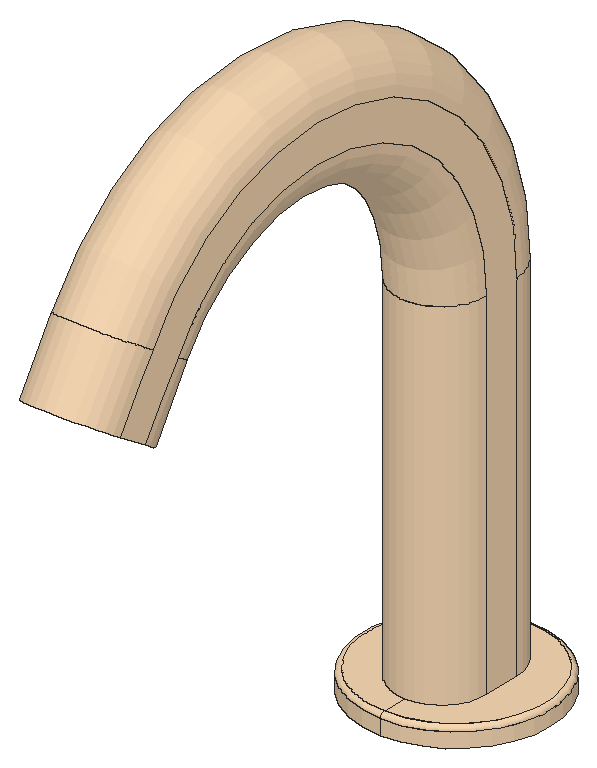
Revit family "Faucet_Touchless-Lavatory-KOHLER-Oblo-K-103BB76_1", category Plumbing Fixtures, host Face, Revit 2021
Family settings
  Host = Face
  Round Connector Dimension = Use Diameter
  Part Type = Normal
  OmniClass Number = 23.31.11.00
  OmniClass Title = Faucets
  Cut with Voids When Loaded = No
  Shared = No
  Room Calculation Point = No
Parameters (values of type "2MB-Vibrant Brushed Moderne Brass")
  Width = 2 73/256"  # constant formula
  WaterSense Certified = 1 = 0  # no
  Waste Water Outlet = "Waste Water Outlet"  # constant formula
  Waste Connection = 1 = 0  # no
  Voltage = 220 V  # constant formula
  Vent Connection = 1 = 0  # no
  URL = "https://www.us.kohler.com/us/"
  Type = 1
  Spout Reach = 5 67/256"  # constant formula
  Product Page URL = "http://www.us.kohler.com/us/catalog/productDetails.jsp?productNumber=103BB76-SBNA"
  Product Name = "Oblo\r\n"  # constant formula
  Product Documentation Link = "https://www.us.kohler.com/webassets/kpna/catalog/pdf/en/K-103BB76-SBNA_spec_US-CA_Kohler_en.pdf"
  Pressure = 0.00 psi
  Model = if(Type = 1, "K-103BB76-SBNA-2MB", if(Type = 2, "K-103BB76-SBNA-BL", if(Type = 3, "K-103BB76-SBNA-BN", if(Type = 4, "K-103BB76-SBNA-CP", "NA"))))  # "K-103BB76-SBNA-2MB"
  Material = "Premium Metal Construction\r\n"  # constant formula
  Master Format 2014 Name = "Residential Faucets, Supplies, and Trim"  # constant formula
  Master Format 2014 = "22 41 39"  # constant formula
  Manufacturer Address = "444 Highland Dr, Kohler, WI 53044"  # constant formula
  Manufacturer = "Kohler Co."  # constant formula
  Length = Spout Reach  # 5 67/256"
  Hot Water Inlet = "Hot Water Inlet"  # constant formula
  Height = 8 23/256"  # constant formula
  Handle Clearance = 0"
  HW Connection = 1 = 1  # yes
  Flow Rate = 0.5 GPM  # constant formula
  Finish = Kohler-Metal-2MB-Vibrant_Brushed_Moderne_Brass
  Faucet Hole Spacing = 0"
  Environmental Product Declaration = ""
  Electrical Note = "One Dedicated Circuit Required"  # constant formula
  Electrical Connector = 1 = 1  # yes
  Drain Included = 1 = 0  # no
  Description = "BASIC-AC-NO DRAIN/ NO MIXER"  # constant formula
  Default Elevation = 36"
  Declare Label = ""
  Date Modified = "05/14/2023"  # constant formula
  Date Created = "05/14/2023"  # constant formula
  Copyright = "Copyright Kohler Co."  # constant formula
  Contact Us = "https://www.us.kohler.com/us/static/contact.jsp"
  Cold Water Inlet = "Cold Water Inlet"  # constant formula
  CW Connection = 1 = 1  # yes
  Assembly Code = "D2010"
  Apparent Load = 0 VA
  ADA Compliant = 1 = 0  # no
Types (5): name | Type | Model | Finish
  (no name) | 1 | "K-103BB76-SBNA-2MB" | Kohler-Metal-2MB-Vibrant_Brushed_Moderne_Brass
  2MB-Vibrant Brushed Moderne Brass | 1 | "K-103BB76-SBNA-2MB" | Kohler-Metal-2MB-Vibrant_Brushed_Moderne_Brass
  BL-Matte Black | 2 | "K-103BB76-SBNA-BL" | Kohler-Metal-BL-Matte_Black
  BN-Vibrant Brushed Nickel | 3 | "K-103BB76-SBNA-BN" | Kohler-Metal-BN-Vibrant_Brushed_Nickel
  CP-Polished Chrome | 4 | "K-103BB76-SBNA-CP" | Kohler-Metal-CP-Polished_Chrome
Reference planes (in)
  plane 1 "Center (Front/Back)": y = 0
  plane 2: z = 0
  plane 3 "Center (Left/Right)": x = 0
  plane 4: y = 1.14173
  plane 5: y = -1.14173
  plane 6: x = -1.14173
  plane 7: x = 1.14342
  plane 8: x = -0.55118
  plane 9: x = 0.55118
  plane 10: y = -6.16929
  plane 11: y = -5.26172
  plane 12: z = 8.08984
  plane 13: z = 5.1063
  plane 14: z = 0.23622
Dimensions and locks (in)
  "Width": plane 6 to plane 7
  "Height": plane 12 to level
  "Length": plane 1 "Center (Front/Back)" to plane 11
  plane 14 to level = 0.23622"
  plane 1 "Center (Front/Back)" to plane 10 = 6.16929"
  plane 4 to plane 10 = 7.31102"
  plane 8 to plane 9 = 1.10236"
  aligned and locked: plane 2 to host face
  aligned and locked: level to host face
Automatic sketch dimensions
  host sketch curve to host sketch curve = 96"  (x2)
Nested families (in)
  nested 1: "K-103BB76" at (0, 0, 0), type "K-103BB76"
Connectors (in)
  piping at (-0.55118, 0, 0), diameter 0.375, driven by "Flow Rate", driven by "HW Connection", driven by "Hot Water Inlet"
    settings: on nested 1, index 1, connector inside diameter 24", connector length 0", flow factor 0, pipe flow 0.5 GPM, pressure drop 0.00 psi, fitting loss kfactor 0, connector angle 0.00°, fixture units 0, engagement length 0", angle of deflection 0.00°, flow configuration 1, flow direction 1, fitting loss method 0, system type 19, joint type 0, gender type 0, connector reference index -1, connector utility 1, adjustable connector no, is connector primary yes, connector description "Hot Water Inlet"
  piping at (0.55118, 0, 0), diameter 0.375, driven by "Flow Rate", driven by "CW Connection", driven by "Cold Water Inlet"
    settings: on nested 1, index 2, connector inside diameter 24", connector length 0", flow factor 0, pipe flow 0.5 GPM, pressure drop 0.00 psi, fitting loss kfactor 0, connector angle 0.00°, fixture units 0, engagement length 0", angle of deflection 0.00°, flow configuration 1, flow direction 1, fitting loss method 0, system type 20, joint type 0, gender type 0, connector reference index -1, connector utility 1, adjustable connector no, is connector primary no, connector description "Cold Water Inlet"
  electrical at (0, 0, 0), driven by "Voltage", driven by "Electrical Connector", driven by "Electrical Note"
    settings: index 3, voltage 220 V, apparent load 0 VA, apparent load phase1 0 VA, apparent load phase2 0 VA, apparent load phase3 0 VA, power factor 1, load classification "Power", number of poles 1, system type 30, power factor state 1, is connector primary yes, connector utility yes, sub classification motor no, connector description "One Dedicated Circuit Required"
Definition of nested family "K-103BB76"
  Parameters
    Material = none
    Default Elevation = 0"
  Reference planes (in)
    plane 1 "Center (Front/Back)": y = 0
    plane 2: z = 0
    plane 3 "Center (Left/Right)": x = 0
    plane 4: z = 8.09055
    plane 5: y = 1.14173
    plane 6: y = -1.14173
    plane 7: z = 0.23622
    plane 8: z = 5.1063
    plane 9: y = -5.25984
    plane 10: y = -6.16929
    plane 11: x = -1.14173
    plane 12: x = 1.14173
    plane 13: x = -0.55118
    plane 14: x = 0.55118
  Forms (in)
    Sweep 1, solid, material <- "Material", detail levels medium+fine
      path origin (0, 0, 0) x (0, 1, 0) y (0, 0, 1)
        loop
          line (0, 0.23622) -> (0, 4.52927)
          arc (0, 4.52927) -> (-1.97319, 7.17169) -> (-5.0672, 6.03024) r 2.75591
          line (-5.0672, 6.03024) -> (-5.54536, 5.29395)
      profile origin (0, 0, 2.38275) x (0, -1, 0) y (1, 0, 0)
        loop
          line (0, -0.55118) -> (0.22529, -0.55118)
          arc (0.22529, -0.55118) -> (0.77647, 0) -> (0.22529, 0.55118) r 0.55118
          line (0.22529, 0.55118) -> (0, 0.55118) -> (-0.22529, 0.55118)
          arc (-0.22529, 0.55118) -> (-0.77647, 0) -> (-0.22529, -0.55118) r 0.55118
          line (-0.22529, -0.55118) -> (0, -0.55118)
    Revolve 2, solid, material <- "Material", detail levels medium+fine
      sketch origin (0, 0, 0) x (0, 1, 0) y (0, 0, 1)
        loop
          line (0, 0) -> (1.14173, 0) -> (1.14173, 0.17717)
          arc (1.14173, 0.17717) -> (1.12444, 0.21892) -> (1.08268, 0.23622) r 0.05906
          line (1.08268, 0.23622) -> (0, 0.23622) -> (0, 0)
        axis (0, 0) -> (0, 0.23622)
      angle from 0 to 360
    Extrusion 3, void
      sketch origin (0, -5.54536, 5.29395) x (1, 0, 0) y (0, -0.838671, 0.544639)
        loop
          arc (0.39272, 0.2308) -> (-0.00061, 0.62413) -> (-0.39394, 0.2308) r 0.39333
          line (-0.39394, 0.2308) -> (-0.39394, 0.09822)
          arc (-0.39394, 0.09822) -> (-0.38008, 0.0602) -> (-0.34499, 0.04003) r 0.05906
          arc (-0.34499, 0.04003) -> (-0.00118, 0.00927) -> (0.343, 0.0355) r 2.09088
          arc (0.343, 0.0355) -> (0.3786, 0.05549) -> (0.39272, 0.09381) r 0.05906
          line (0.39272, 0.09381) -> (0.39272, 0.2308)
      from -0.45987 to 0.75616
    Extrusion 4, void
      sketch origin (0, -5.54536, 5.29395) x (1, 0, 0) y (0, -0.838671, 0.544639)
        loop
          circle (0.00361, -0.32853) r 0.28034
      from -0.29909 to 0.75803
    Extrusion 5, solid, detail levels medium+fine
      sketch origin (0, -5.54536, 5.29395) x (1, 0, 0) y (0, -0.838671, 0.544639)
        loop
          arc (0.27608, -0.32853) -> (0.27188, -0.28087) -> (0.25941, -0.23468) r 0.27246
          line (0.25941, -0.23468) -> (0.21397, -0.25986)
          arc (0.21397, -0.25986) -> (0.1986, -0.2227) -> (0.17523, -0.18998) r 0.1768
          line (0.17523, -0.18998) -> (0.22118, -0.16451)
          arc (0.22118, -0.16451) -> (0.14148, -0.09351) -> (0.04062, -0.05859) r 0.27246
          line (0.04062, -0.05859) -> (0.04062, -0.11303)
          arc (0.04062, -0.11303) -> (0.00059, -0.10937) -> (-0.03943, -0.11303) r 0.22079
          line (-0.03943, -0.11303) -> (-0.03943, -0.05948)
          arc (-0.03943, -0.05948) -> (-0.13838, -0.09599) -> (-0.21605, -0.16733) r 0.27246
          line (-0.21605, -0.16733) -> (-0.17443, -0.19135)
          arc (-0.17443, -0.19135) -> (-0.19801, -0.22314) -> (-0.21375, -0.25946) r 0.17311
          line (-0.21375, -0.25946) -> (-0.25295, -0.23682)
          arc (-0.25295, -0.23682) -> (-0.26485, -0.28199) -> (-0.26885, -0.32853) r 0.27246
          arc (-0.26885, -0.32853) -> (-0.26356, -0.38198) -> (-0.24788, -0.43335) r 0.27246
          line (-0.24788, -0.43335) -> (-0.2056, -0.40894)
          arc (-0.2056, -0.40894) -> (-0.18867, -0.44606) -> (-0.16499, -0.47928) r 0.21356
          line (-0.16499, -0.47928) -> (-0.2058, -0.50284)
          arc (-0.2058, -0.50284) -> (-0.13121, -0.56529) -> (-0.03943, -0.59757) r 0.27246
          line (-0.03943, -0.59757) -> (-0.03943, -0.55494)
          arc (-0.03943, -0.55494) -> (0.00059, -0.56177) -> (0.04062, -0.55494) r 0.1207
          line (0.04062, -0.55494) -> (0.04062, -0.59847)
          arc (0.04062, -0.59847) -> (0.13486, -0.56729) -> (0.21169, -0.50443) r 0.27246
          line (0.21169, -0.50443) -> (0.17125, -0.48108)
          arc (0.17125, -0.48108) -> (0.19703, -0.44927) -> (0.21168, -0.41104) r 0.13037
          line (0.21168, -0.41104) -> (0.25417, -0.43557)
          arc (0.25417, -0.43557) -> (0.27055, -0.38316) -> (0.27608, -0.32853) r 0.27246
        loop
          circle (-0.00372, -0.33928) r 0.14749
      from -0.29909 to 0
    Extrusion 6, solid, detail levels medium+fine
      sketch origin (0, -5.54536, 5.29395) x (1, 0, 0) y (0, -0.838671, 0.544639)
        loop
          circle (-0.00372, -0.33928) r 0.14749
        loop
          circle (-0.00372, -0.33928) r 0.00984
        loop
          circle (-0.00372, -0.31457) r 0.00984
        loop
          circle (-0.00372, -0.29086) r 0.00984
        loop
          circle (-0.00372, -0.26399) r 0.00984
        loop
          circle (-0.00372, -0.23493) r 0.00984
        loop
          circle (0.02591, -0.23493) r 0.00984
        loop
          circle (0.02591, -0.26833) r 0.00984
        loop
          circle (0.02591, -0.29359) r 0.00984
        loop
          circle (0.02591, -0.32269) r 0.00984
        loop
          circle (0.05423, -0.32269) r 0.00984
        loop
          circle (0.05423, -0.29496) r 0.00984
        loop
          circle (0.05423, -0.26695) r 0.00984
        loop
          circle (0.05423, -0.23894) r 0.00984
        loop
          circle (0.08393, -0.26864) r 0.00984
        loop
          circle (0.08393, -0.29826) r 0.00984
        loop
          circle (0.08393, -0.32571) r 0.00984
        loop
          circle (0.11733, -0.32571) r 0.00984
        loop
          circle (0.11733, -0.29167) r 0.00984
        loop
          circle (0.02591, -0.44362) r 0.00984
        loop
          circle (0.02591, -0.41023) r 0.00984
        loop
          circle (0.02591, -0.38496) r 0.00984
        loop
          circle (0.02591, -0.35586) r 0.00984
        loop
          circle (0.05423, -0.35586) r 0.00984
        loop
          circle (0.05423, -0.38359) r 0.00984
        loop
          circle (0.05423, -0.4116) r 0.00984
        loop
          circle (0.05423, -0.43961) r 0.00984
        loop
          circle (0.08393, -0.40991) r 0.00984
        loop
          circle (0.08393, -0.3803) r 0.00984
        loop
          circle (0.08393, -0.35284) r 0.00984
        loop
          circle (0.11733, -0.35284) r 0.00984
        loop
          circle (0.11733, -0.38689) r 0.00984
        loop
          circle (-0.03335, -0.23493) r 0.00984
        loop
          circle (-0.03335, -0.26833) r 0.00984
        loop
          circle (-0.03335, -0.29359) r 0.00984
        loop
          circle (-0.03335, -0.32269) r 0.00984
        loop
          circle (-0.06167, -0.32269) r 0.00984
        loop
          circle (-0.06167, -0.29496) r 0.00984
        loop
          circle (-0.06167, -0.26695) r 0.00984
        loop
          circle (-0.06167, -0.23894) r 0.00984
        loop
          circle (-0.09137, -0.26864) r 0.00984
        loop
          circle (-0.09137, -0.29826) r 0.00984
        loop
          circle (-0.09137, -0.32571) r 0.00984
        loop
          circle (-0.12477, -0.32571) r 0.00984
        loop
          circle (-0.12477, -0.29167) r 0.00984
        loop
          circle (-0.03335, -0.44362) r 0.00984
        loop
          circle (-0.03335, -0.41023) r 0.00984
        loop
          circle (-0.03335, -0.38496) r 0.00984
        loop
          circle (-0.03335, -0.35586) r 0.00984
        loop
          circle (-0.06167, -0.35586) r 0.00984
        loop
          circle (-0.06167, -0.38359) r 0.00984
        loop
          circle (-0.06167, -0.4116) r 0.00984
        loop
          circle (-0.06167, -0.43961) r 0.00984
        loop
          circle (-0.09137, -0.40991) r 0.00984
        loop
          circle (-0.09137, -0.3803) r 0.00984
        loop
          circle (-0.09137, -0.35284) r 0.00984
        loop
          circle (-0.12477, -0.35284) r 0.00984
        loop
          circle (-0.12477, -0.38689) r 0.00984
        loop
          circle (-0.00372, -0.36398) r 0.00984
        loop
          circle (-0.00372, -0.38769) r 0.00984
        loop
          circle (-0.00372, -0.41457) r 0.00984
        loop
          circle (-0.00372, -0.44362) r 0.00984
      from -0.29909 to -0.23199
    Extrusion 7, solid, detail levels medium+fine
      sketch origin (0, -5.54536, 5.29395) x (1, 0, 0) y (0, -0.838671, 0.544639)
        loop
          line (-0.38607, 0.2308) -> (-0.38607, 0.09822)
          arc (-0.38607, 0.09822) -> (-0.37405, 0.06527) -> (-0.34364, 0.04779) r 0.05118
          arc (-0.34364, 0.04779) -> (-0.00113, 0.01715) -> (0.34175, 0.04327) r 2.083
          arc (0.34175, 0.04327) -> (0.37261, 0.0606) -> (0.38484, 0.09381) r 0.05118
          line (0.38484, 0.09381) -> (0.38484, 0.2308)
          arc (0.38484, 0.2308) -> (-0.00061, 0.61626) -> (-0.38607, 0.2308) r 0.38546
      from -0.45987 to 0
    Extrusion 8, solid, material <- "Material", detail levels medium+fine
      sketch origin (0, 0, 0) x (1, 0, 0) y (0, 1, 0)
        loop
          circle (-0.55118, 0) r 0.07874
      from 0 to 0.03917
    Extrusion 9, solid, material <- "Material", detail levels medium+fine
      sketch origin (0, 0, 0) x (-1, 0, 0) y (0, -1, 0)
        loop
          circle (-0.55118, 0) r 0.07874
      from 0 to 0.03917
    Revolve 10, solid, material <- "Material", detail levels coarse
      sketch origin (0, 0, 0) x (0, 1, 0) y (0, 0, 1)
        loop
          line (0, 0) -> (1.14173, 0) -> (1.14173, 0.23622) -> (0, 0.23622) -> (0, 0)
        axis (0, 0) -> (0, 0.23622)
      angle from 0 to 360
    Sweep 11, solid, material <- "Material", detail levels coarse
      path origin (0, 0.00901, -0.02625) x (0, 1, 0) y (0, 0, 1)
        loop
          line (0, 0.23622) -> (0, 4.52927)
          arc (0, 4.52927) -> (-1.97319, 7.17169) -> (-5.0672, 6.03024) r 2.75591
          line (-5.0672, 6.03024) -> (-5.54536, 5.29395)
      profile origin (0, 0.00901, 2.3565) x (0, -1, 0) y (1, 0, 0)
        loop
          line (0, -0.54451) -> (0.22529, -0.54451)
          arc (0.22529, -0.54451) -> (0.77647, 0.00667) -> (0.22529, 0.55785) r 0.55118
          line (0.22529, 0.55785) -> (0, 0.55785) -> (-0.22529, 0.55785)
          arc (-0.22529, 0.55785) -> (-0.77647, 0.00667) -> (-0.22529, -0.54451) r 0.55118
          line (-0.22529, -0.54451) -> (0, -0.54451)
  Cuts and joins
    Extrusion 3, Extrusion 4 cuts Sweep 1
  Lines and regions (in)
    Masking region 1
      outline origin (0, 0, 0) x (1, 0, 0) y (0, 1, 0)
        loop
          arc (-0.54841, -1.0014) -> (-0.00158, 1.14173) -> (0.55118, -0.99988) r 1.14173
          line (0.55118, -0.99988) -> (0.55118, -5.7343)
          spline (0.55118, -5.7343) -> (0.5324, -5.85395) -> (0.47734, -5.96543) -> (0.38974, -6.06117) -> (0.27559, -6.13463) -> (0.14266, -6.18081) -> (0, -6.19656) -> (-0.14266, -6.18081) -> (-0.27559, -6.13463) -> (-0.38974, -6.06117) -> (-0.47734, -5.96543) -> (-0.5324, -5.85395) -> (-0.55118, -5.7343)
          line (-0.55118, -5.7343) -> (-0.55118, -0.99988)
    Masking region 2
      outline origin (0, 0, 0) x (1, 0, 0) y (0, 0, 1)
        loop
          line (0, 0) -> (1.14173, 0) -> (1.14173, 0.17717)
          arc (1.14173, 0.17717) -> (1.12444, 0.21892) -> (1.08268, 0.23622) r 0.05906
          line (1.08268, 0.23622) -> (0.55118, 0.23622) -> (0.55118, 7.54017)
          arc (0.55118, 7.54017) -> (0, 8.09135) -> (-0.55118, 7.54017) r 0.55118
          line (-0.55118, 7.54017) -> (-0.55118, 0.23622) -> (-1.08268, 0.23622)
          arc (-1.08268, 0.23622) -> (-1.12444, 0.21892) -> (-1.14173, 0.17717) r 0.05906
          line (-1.14173, 0.17717) -> (-1.14173, 0) -> (0, 0)
    Masking region 3
      outline origin (0, 0, 0) x (0, 1, 0) y (0, 0, 1)
        loop
          line (0, 0) -> (1.14173, 0) -> (1.14173, 0.17717)
          arc (1.14173, 0.17717) -> (1.12444, 0.21892) -> (1.08268, 0.23622) r 0.05906
          line (1.08268, 0.23622) -> (0.77583, 0.23622) -> (0.77583, 4.54724)
          arc (0.77583, 4.54724) -> (-1.76112, 7.94464) -> (-5.73915, 6.47707) r 3.54331
          line (-5.73915, 6.47707) -> (-6.16247, 5.74385)
          arc (-6.16247, 5.74385) -> (-6.16709, 5.71195) -> (-6.14849, 5.68563) r 0.04349
          line (-6.14849, 5.68563) -> (-4.92717, 4.89249)
          arc (-4.92717, 4.89249) -> (-4.89754, 4.887) -> (-4.87271, 4.90407) r 0.03937
          line (-4.87271, 4.90407) -> (-4.39526, 5.63928)
          arc (-4.39526, 5.63928) -> (-2.18525, 6.45459) -> (-0.77583, 4.56715) r 1.9685
          line (-0.77583, 4.56715) -> (-0.77583, 0.23622) -> (-1.08268, 0.23622)
          arc (-1.08268, 0.23622) -> (-1.12444, 0.21892) -> (-1.14173, 0.17717) r 0.05906
          line (-1.14173, 0.17717) -> (-1.14173, 0) -> (0, 0)
    symbolic lines, detail levels medium+fine
      curve 1: line (-0.55118, -1.27951, 0) -> (-0.55118, 0.04192, 0)
      curve 2: line (0.55118, -1.14173, 0) -> (0.55118, 0.04192, 0)
      curve 3: arc (-0.55118, 0.04192, 0) -> (0, 0.5931, 0) -> (0.55118, 0.04192, 0) r 0.55118
      curve 4: arc (0.55118, -0.94488, 0) -> (0, 1.09389, 0) -> (-0.55118, -0.94488, 0) r 1.09389
      curve 5: line (-0.55118, 0, 0.23622) -> (0.55118, 0, 0.23622)
      curve 6: line (-1.14173, 0, 0.17717) -> (1.14173, 0, 0.17717)
      curve 7: spline (0.55118, 0, 5.41665) -> (0.5324, 0, 5.49435) -> (0.47734, 0, 5.56675) -> (0.38974, 0, 5.62892) -> (0.27559, 0, 5.67663) -> (0.14266, 0, 5.70662) -> (0, 0, 5.71685) -> (-0.14266, 0, 5.70662) -> (-0.27559, 0, 5.67663) -> (-0.38974, 0, 5.62892) -> (-0.47734, 0, 5.56675) -> (-0.5324, 0, 5.49435) -> (-0.55118, 0, 5.41665)
      curve 8: spline (-0.55118, 0, 5.17125) -> (-0.5324, 0, 5.09355) -> (-0.47734, 0, 5.02115) -> (-0.38974, 0, 4.95898) -> (-0.27559, 0, 4.91127) -> (-0.14266, 0, 4.88128) -> (0, 0, 4.87105) -> (0.14266, 0, 4.88128) -> (0.27559, 0, 4.91127) -> (0.38974, 0, 4.95898) -> (0.47734, 0, 5.02115) -> (0.5324, 0, 5.09355) -> (0.55118, 0, 5.17125)
      curve 9: spline (0.28395, 0, 5.11502) -> (0.2744, 0, 5.0755) -> (0.24639, 0, 5.03868) -> (0.20184, 0, 5.00706) -> (0.14378, 0, 4.98279) -> (0.07617, 0, 4.96754) -> (0.00361, 0, 4.96234) -> (-0.06894, 0, 4.96754) -> (-0.13655, 0, 4.98279) -> (-0.19461, 0, 5.00706) -> (-0.23917, 0, 5.03868) -> (-0.26717, 0, 5.0755) -> (-0.27672, 0, 5.11502)
      curve 10: spline (-0.27672, 0, 5.11502) -> (-0.26717, 0, 5.15454) -> (-0.23917, 0, 5.19136) -> (-0.19461, 0, 5.22298) -> (-0.13655, 0, 5.24725) -> (-0.06894, 0, 5.2625) -> (0.00361, 0, 5.2677) -> (0.07617, 0, 5.2625) -> (0.14378, 0, 5.24725) -> (0.20184, 0, 5.22298) -> (0.24639, 0, 5.19136) -> (0.2744, 0, 5.15454) -> (0.28395, 0, 5.11502)
      curve 11: spline (0.38484, 0, 5.41965) -> (0.37171, 0, 5.47399) -> (0.3332, 0, 5.52462) -> (0.27195, 0, 5.5681) -> (0.19212, 0, 5.60146) -> (0.09915, 0, 5.62243) -> (-0.00061, 0, 5.62959) -> (-0.10038, 0, 5.62243) -> (-0.19334, 0, 5.60146) -> (-0.27317, 0, 5.5681) -> (-0.33443, 0, 5.52462) -> (-0.37293, 0, 5.47399) -> (-0.38607, 0, 5.41965)
      curve 12: spline (-0.38607, 0, 5.34744) -> (-0.38572, 0, 5.3442) -> (-0.38468, 0, 5.341) -> (-0.38297, 0, 5.33789) -> (-0.3806, 0, 5.33491) -> (-0.37762, 0, 5.3321) -> (-0.37405, 0, 5.3295) -> (-0.36995, 0, 5.32714) -> (-0.36538, 0, 5.32505) -> (-0.36039, 0, 5.32327) -> (-0.35506, 0, 5.32182) -> (-0.34945, 0, 5.32072) -> (-0.34364, 0, 5.31998)
      curve 13: spline (-0.34364, 0, 5.31998) -> (-0.28698, 0, 5.31506) -> (-0.23009, 0, 5.31099) -> (-0.17302, 0, 5.30778) -> (-0.11581, 0, 5.30542) -> (-0.0585, 0, 5.30392) -> (-0.00113, 0, 5.30329) -> (0.05624, 0, 5.30351) -> (0.11358, 0, 5.3046) -> (0.17085, 0, 5.30654) -> (0.22799, 0, 5.30934) -> (0.28498, 0, 5.313) -> (0.34175, 0, 5.31752)
      curve 14: spline (0.34175, 0, 5.31752) -> (0.34763, 0, 5.31822) -> (0.35331, 0, 5.3193) -> (0.35873, 0, 5.32074) -> (0.36379, 0, 5.32251) -> (0.36844, 0, 5.32459) -> (0.37261, 0, 5.32695) -> (0.37624, 0, 5.32957) -> (0.37928, 0, 5.3324) -> (0.38169, 0, 5.3354) -> (0.38343, 0, 5.33854) -> (0.38449, 0, 5.34177) -> (0.38484, 0, 5.34504)
      curve 15: line (0.38484, 0, 5.34504) -> (0.38484, 0, 5.41965)
      curve 16: line (-0.38607, 0, 5.41965) -> (-0.38607, 0, 5.34744)
      curve 17: spline (-0.25295, 0, 5.16497) -> (-0.25547, 0, 5.16095) -> (-0.25778, 0, 5.15689) -> (-0.25987, 0, 5.1528) -> (-0.26175, 0, 5.14868) -> (-0.26341, 0, 5.14454) -> (-0.26485, 0, 5.14037) -> (-0.26607, 0, 5.13617) -> (-0.26707, 0, 5.13196) -> (-0.26785, 0, 5.12774) -> (-0.2684, 0, 5.12351) -> (-0.26874, 0, 5.11927) -> (-0.26885, 0, 5.11502)
      curve 18: line (-0.21375, 0, 5.15264) -> (-0.25295, 0, 5.16497)
      curve 19: spline (-0.17443, 0, 5.18973) -> (-0.17885, 0, 5.18706) -> (-0.18309, 0, 5.18429) -> (-0.18713, 0, 5.18144) -> (-0.19096, 0, 5.17851) -> (-0.19459, 0, 5.1755) -> (-0.19801, 0, 5.17242) -> (-0.2012, 0, 5.16926) -> (-0.20417, 0, 5.16605) -> (-0.20692, 0, 5.16277) -> (-0.20943, 0, 5.15944) -> (-0.21171, 0, 5.15606) -> (-0.21375, 0, 5.15264)
      curve 20: line (-0.21605, 0, 5.20282) -> (-0.17443, 0, 5.18973)
      curve 21: spline (-0.03943, 0, 5.26155) -> (-0.0568, 0, 5.25972) -> (-0.07391, 0, 5.25728) -> (-0.09069, 0, 5.25424) -> (-0.10707, 0, 5.25062) -> (-0.12299, 0, 5.24642) -> (-0.13838, 0, 5.24167) -> (-0.15316, 0, 5.23639) -> (-0.16729, 0, 5.23059) -> (-0.1807, 0, 5.22431) -> (-0.19333, 0, 5.21757) -> (-0.20513, 0, 5.21039) -> (-0.21605, 0, 5.20282)
      curve 22: spline (0.04062, 0, 5.22316) -> (0.034, 0, 5.22377) -> (0.02736, 0, 5.22427) -> (0.02069, 0, 5.22465) -> (0.014, 0, 5.22493) -> (0.0073, 0, 5.2251) -> (0.00059, 0, 5.22515) -> (-0.00611, 0, 5.2251) -> (-0.01282, 0, 5.22493) -> (-0.0195, 0, 5.22465) -> (-0.02617, 0, 5.22427) -> (-0.03282, 0, 5.22377) -> (-0.03943, 0, 5.22316)
      curve 23: spline (0.22118, 0, 5.20435) -> (0.20994, 0, 5.21194) -> (0.19781, 0, 5.21911) -> (0.18484, 0, 5.22583) -> (0.17109, 0, 5.23207) -> (0.15661, 0, 5.23781) -> (0.14148, 0, 5.24302) -> (0.12575, 0, 5.24767) -> (0.10949, 0, 5.25175) -> (0.09277, 0, 5.25525) -> (0.07568, 0, 5.25813) -> (0.05826, 0, 5.2604) -> (0.04062, 0, 5.26204)
      curve 24: spline (0.21397, 0, 5.15242) -> (0.212, 0, 5.15592) -> (0.2098, 0, 5.15937) -> (0.20735, 0, 5.16278) -> (0.20466, 0, 5.16613) -> (0.20175, 0, 5.16942) -> (0.1986, 0, 5.17266) -> (0.19523, 0, 5.17582) -> (0.19165, 0, 5.17891) -> (0.18785, 0, 5.18193) -> (0.18384, 0, 5.18487) -> (0.17964, 0, 5.18772) -> (0.17523, 0, 5.19048)
      curve 25: spline (0.27608, 0, 5.11502) -> (0.27596, 0, 5.11937) -> (0.27561, 0, 5.12371) -> (0.27503, 0, 5.12805) -> (0.27421, 0, 5.13238) -> (0.27316, 0, 5.13669) -> (0.27188, 0, 5.14098) -> (0.27037, 0, 5.14525) -> (0.26863, 0, 5.14949) -> (0.26666, 0, 5.15371) -> (0.26446, 0, 5.15789) -> (0.26205, 0, 5.16203) -> (0.25941, 0, 5.16613)
      curve 26: spline (0.25417, 0, 5.05672) -> (0.25763, 0, 5.06135) -> (0.2608, 0, 5.06603) -> (0.26368, 0, 5.07077) -> (0.26627, 0, 5.07556) -> (0.26856, 0, 5.08039) -> (0.27055, 0, 5.08527) -> (0.27223, 0, 5.09017) -> (0.27361, 0, 5.09511) -> (0.27469, 0, 5.10007) -> (0.27546, 0, 5.10504) -> (0.27592, 0, 5.11003) -> (0.27608, 0, 5.11502)
      curve 27: line (0.20994, 0, 5.07063) -> (0.25417, 0, 5.05672)
      curve 28: line (0.21169, 0, 5.01922) -> (0.17125, 0, 5.03193)
      curve 29: spline (0.04062, 0, 4.968) -> (0.05702, 0, 4.9695) -> (0.07323, 0, 4.97155) -> (0.08917, 0, 4.97413) -> (0.1048, 0, 4.97724) -> (0.12005, 0, 4.98086) -> (0.13486, 0, 4.98498) -> (0.14919, 0, 4.98958) -> (0.16297, 0, 4.99466) -> (0.17616, 0, 5.00018) -> (0.18871, 0, 5.00613) -> (0.20057, 0, 5.01248) -> (0.21169, 0, 5.01922)
      curve 30: spline (-0.03943, 0, 5.00094) -> (-0.03296, 0, 4.99981) -> (-0.02638, 0, 4.99888) -> (-0.01971, 0, 4.99815) -> (-0.01298, 0, 4.99763) -> (-0.0062, 0, 4.99732) -> (0.00059, 0, 4.99722) -> (0.00739, 0, 4.99732) -> (0.01416, 0, 4.99763) -> (0.02089, 0, 4.99815) -> (0.02756, 0, 4.99888) -> (0.03414, 0, 4.99981) -> (0.04062, 0, 5.00094)
      curve 31: spline (-0.2058, 0, 5.02008) -> (-0.195, 0, 5.01344) -> (-0.18349, 0, 5.00715) -> (-0.17131, 0, 5.00125) -> (-0.15851, 0, 4.99576) -> (-0.14513, 0, 4.99069) -> (-0.13121, 0, 4.98607) -> (-0.11681, 0, 4.98191) -> (-0.10198, 0, 4.97822) -> (-0.08677, 0, 4.97503) -> (-0.07124, 0, 4.97234) -> (-0.05544, 0, 4.97015) -> (-0.03943, 0, 4.96849)
      curve 32: spline (-0.2056, 0, 5.07122) -> (-0.20328, 0, 5.06774) -> (-0.20075, 0, 5.06429) -> (-0.19803, 0, 5.0609) -> (-0.1951, 0, 5.05755) -> (-0.19198, 0, 5.05425) -> (-0.18867, 0, 5.05101) -> (-0.18517, 0, 5.04783) -> (-0.18149, 0, 5.04471) -> (-0.17763, 0, 5.04165) -> (-0.17359, 0, 5.03867) -> (-0.16937, 0, 5.03575) -> (-0.16499, 0, 5.03292)
      curve 33: line (-0.24788, 0, 5.05793) -> (-0.2056, 0, 5.07122)
      curve 34: spline (-0.26885, 0, 5.11502) -> (-0.2687, 0, 5.11014) -> (-0.26826, 0, 5.10526) -> (-0.26752, 0, 5.10039) -> (-0.26649, 0, 5.09554) -> (-0.26517, 0, 5.09071) -> (-0.26356, 0, 5.08591) -> (-0.26165, 0, 5.08114) -> (-0.25946, 0, 5.0764) -> (-0.25699, 0, 5.07171) -> (-0.25423, 0, 5.06706) -> (-0.25119, 0, 5.06247) -> (-0.24788, 0, 5.05793)
      curve 35: line (-0.2058, 0, 5.02008) -> (-0.16499, 0, 5.03292)
      curve 36: line (-0.03943, 0, 5.00094) -> (-0.03943, 0, 4.96849)
      curve 37: line (0.04062, 0, 5.00094) -> (0.04062, 0, 4.968)
      curve 38: line (0.22118, 0, 5.20435) -> (0.17523, 0, 5.19048)
      curve 39: line (0.21397, 0, 5.15242) -> (0.25941, 0, 5.16613)
      curve 40: line (-0.03943, 0, 5.26155) -> (-0.03943, 0, 5.22316)
      curve 41: line (0.04062, 0, 5.22316) -> (0.04062, 0, 5.26204)
      curve 42: arc (0.17125, 0, 5.03193) -> (0.1935, 0, 5.04838) -> (0.20994, 0, 5.07063) r 0.09319
      curve 43: spline (-0.15121, 0, 5.0891) -> (-0.14619, 0, 5.10989) -> (-0.13145, 0, 5.12926) -> (-0.10801, 0, 5.1459) -> (-0.07747, 0, 5.15866) -> (-0.04189, 0, 5.16669) -> (-0.00372, 0, 5.16943) -> (0.03445, 0, 5.16669) -> (0.07003, 0, 5.15866) -> (0.10057, 0, 5.1459) -> (0.12401, 0, 5.12926) -> (0.13875, 0, 5.10989) -> (0.14377, 0, 5.0891)
      curve 44: spline (0.14377, 0, 5.0891) -> (0.13875, 0, 5.0683) -> (0.12401, 0, 5.04893) -> (0.10057, 0, 5.03229) -> (0.07003, 0, 5.01953) -> (0.03445, 0, 5.0115) -> (-0.00372, 0, 5.00876) -> (-0.04189, 0, 5.0115) -> (-0.07747, 0, 5.01953) -> (-0.10801, 0, 5.03229) -> (-0.13145, 0, 5.04893) -> (-0.14619, 0, 5.0683) -> (-0.15121, 0, 5.0891)
      curve 45: spline (0.13256, 0, 5.08059) -> (0.11886, 0, 5.06664) -> (0.1004, 0, 5.05442) -> (0.0779, 0, 5.0444) -> (0.05224, 0, 5.03699) -> (0.0244, 0, 5.03245) -> (-0.00453, 0, 5.03098) -> (-0.03343, 0, 5.03263) -> (-0.06117, 0, 5.03733) -> (-0.08669, 0, 5.04489) -> (-0.10898, 0, 5.05504) -> (-0.12719, 0, 5.06737) -> (-0.14061, 0, 5.08141)
      curve 46: spline (0.13808, 0, 5.0777) -> (0.12582, 0, 5.06139) -> (0.10731, 0, 5.04692) -> (0.08346, 0, 5.03501) -> (0.0554, 0, 5.02621) -> (0.0245, 0, 5.02096) -> (-0.00775, 0, 5.0195) -> (-0.03982, 0, 5.02192) -> (-0.07014, 0, 5.02808) -> (-0.09727, 0, 5.0377) -> (-0.11989, 0, 5.05031) -> (-0.13692, 0, 5.0653) -> (-0.14753, 0, 5.08196)
      curve 47: arc (-0.14753, 0, 5.08196) -> (-0.15004, 0, 5.0941) -> (-0.1478, 0, 5.1063) r 0.03241
      curve 48: arc (-0.14061, 0, 5.08141) -> (-0.14643, 0, 5.09321) -> (-0.1478, 0, 5.1063) r 0.03741
      curve 49: arc (0.14027, 0, 5.1063) -> (0.14213, 0, 5.09177) -> (0.13808, 0, 5.0777) r 0.03619
      curve 50: arc (0.14027, 0, 5.1063) -> (0.13875, 0, 5.09275) -> (0.13256, 0, 5.08059) r 0.03825
      curve 51: line (0.51181, 0, 5.41665) -> (-0.51181, 0, 5.41665)
      curve 52: line (-0.51181, 0, 5.17125) -> (0.51181, 0, 5.17125)
      curve 53: line (-0.51181, 0, 5.17125) -> (-0.51181, 0, 5.41665)
      curve 54: line (0.51181, 0, 5.41665) -> (0.51181, 0, 5.17125)
      curve 55: spline (0.55118, 0, 6.26098) -> (0.5324, 0, 6.33868) -> (0.47734, 0, 6.41108) -> (0.38974, 0, 6.47325) -> (0.27559, 0, 6.52096) -> (0.14266, 0, 6.55095) -> (0, 0, 6.56118) -> (-0.14266, 0, 6.55095) -> (-0.27559, 0, 6.52096) -> (-0.38974, 0, 6.47325) -> (-0.47734, 0, 6.41108) -> (-0.5324, 0, 6.33868) -> (-0.55118, 0, 6.26098)
      curve 56: line (-0.03009, 0, 6.19747) -> (-0.03009, 0, 6.14674)
      curve 57: line (-0.03009, 0, 6.14674) -> (0.03009, 0, 6.14674)
      curve 58: line (0.03009, 0, 6.14674) -> (0.03009, 0, 6.19747)
      curve 59: line (0.03009, 0, 6.19747) -> (-0.03009, 0, 6.19747)
      curve 60: arc (-0.04565, 0, 6.12878) -> (0.00004, 0, 6.11697) -> (0.04554, 0, 6.12954) r 0.09133
      curve 61: arc (-0.07197, 0, 6.10246) -> (0.00027, 0, 6.08311) -> (0.07247, 0, 6.10261) r 0.14395
      curve 62: arc (-0.09449, 0, 6.07361) -> (0.00286, 0, 6.04973) -> (0.09987, 0, 6.07496) r 0.20457
      curve 63: arc (-0.12158, 0, 6.04652) -> (0.00262, 0, 6.01745) -> (0.12635, 0, 6.04848) r 0.27071
      curve 64: line (-0.12158, 0, 6.04652) -> (-0.09449, 0, 6.07361)
      curve 65: line (-0.07197, 0, 6.10246) -> (-0.04565, 0, 6.12878)
      curve 66: line (0.04554, 0, 6.12954) -> (0.07247, 0, 6.10261)
      curve 67: line (0.09987, 0, 6.07496) -> (0.12635, 0, 6.04848)
      curve 68: line (0, 0.77583, 0.23622) -> (0, -0.77583, 0.23622)
      curve 69: line (0, 1.14173, 0.17717) -> (0, -1.14173, 0.17717)
      curve 70: line (0, -4.87271, 4.90407) -> (0, -6.16339, 5.74225)
      curve 71: line (0, 0.22529, 0.23622) -> (0, 0.22529, 4.62506)
      curve 72: line (0, -5.20385, 6.23325) -> (0, -5.71276, 5.4496)
      curve 73: line (0, -0.22529, 0.23622) -> (0, -0.22529, 4.61394)
      curve 74: arc (0, 0.22529, 4.62506) -> (0, -1.88883, 7.45623) -> (0, -5.20385, 6.23325) r 2.95276
      curve 75: line (0, -4.81828, 5.97444) -> (0, -5.32334, 5.19671)
      curve 76: arc (0, -0.22529, 4.61394) -> (0, -2.01382, 7.00906) -> (0, -4.81828, 5.97444) r 2.49799
      curve 77: line (0, 0.77563, 4.58502) -> (0, 0.22529, 4.58502)
      curve 78: line (0, -0.77563, 4.58502) -> (0, -0.22529, 4.58502)
      curve 79: line (0, -4.39526, 5.63928) -> (0, -4.84589, 5.93192)
      curve 80: line (0, -5.23531, 6.18481) -> (0, -5.72308, 6.50158)
      curve 81: arc (-0.55118, -5.06299, 0) -> (0, -5.42779, 0) -> (0.55118, -5.06299, 0) r 0.5988
      curve 82: line (-0.03429, -5.66766, 0) -> (-0.03429, -5.72254, 0)
      curve 83: line (-0.03429, -5.72254, 0) -> (0, -5.72254, 0)
      curve 84: line (-0.03429, -5.66766, 0) -> (0, -5.66766, 0)
      curve 85: line (0.07238, -5.76063, 0) -> (0.08989, -5.80874, 0)
      curve 86: line (0.03429, -5.66766, 0) -> (0.03429, -5.72254, 0)
      curve 87: line (0.03429, -5.72254, 0) -> (0, -5.72254, 0)
      curve 88: line (0.03429, -5.66766, 0) -> (0, -5.66766, 0)
      curve 89: line (-0.07238, -5.76063, 0) -> (-0.08989, -5.80874, 0)
      curve 90: arc (-0.08989, -5.80874, 0) -> (0, -5.82299, 0) -> (0.08989, -5.80874, 0) r 0.29067
      curve 91: arc (-0.07238, -5.76063, 0) -> (0, -5.77183, 0) -> (0.07238, -5.76063, 0) r 0.23943
      curve 92: arc (-0.10318, -5.84526, 0) -> (0, -5.8619, 0) -> (0.10318, -5.84526, 0) r 0.32816
      curve 93: arc (-0.12331, -5.90057, 0) -> (0, -5.91351, 0) -> (0.12331, -5.90057, 0) r 0.59404
      curve 94: line (-0.10318, -5.84526, 0) -> (-0.12331, -5.90057, 0)
      curve 95: line (0.10318, -5.84526, 0) -> (0.12331, -5.90057, 0)
  Dimensions and locks (in)
    plane 4 to level = 8.09055"
    plane 5 to plane 6 = 2.28346"
    plane 7 to level = 0.23622"
    plane 8 to level = 5.1063"
    plane 1 "Center (Front/Back)" to plane 9 = 5.25984"
    plane 1 "Center (Front/Back)" to plane 10 = 6.16929"
    plane 5 to plane 10 = 7.31102"
    plane 12 to plane 11 = 2.28346"
    plane 14 to plane 13 = 1.10236"
    aligned and locked: level to plane 2
